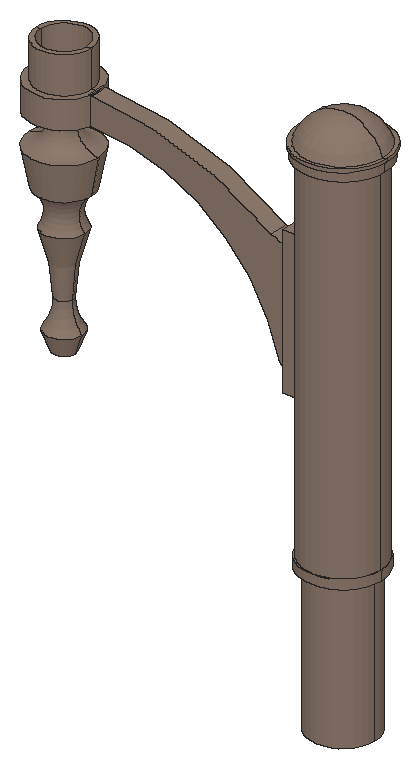
Revit family "PA517", category Generic Models, Revit 2014
Parameters
  TOP CAP = Bronze, Architectural
  TENON = Bronze, Architectural
  OUTLET = Bronze, Architectural
  BODY = Bronze, Architectural
  ARM = Bronze, Architectural
Reference planes (in)
  plane 1 "Center (Front/Back)": y = 0
  plane 2: z = 0
  plane 3 "Center (Left/Right)": x = 0
Forms (in)
  Revolve 1, solid, material "Bronze, Architectural" <- "OUTLET"
    sketch origin (-0.48328, 0, 2) x (1, 0, 0) y (0, 0, 1)
      loop
        line (-14.76672, 26.5) -> (-16.26672, 26.5) -> (-16.26672, 24.5) -> (-14.76672, 24.5) -> (-14.76672, 26.5)
      axis (-14.76672, 26.5) -> (-14.76672, 24.5)
    angle from 0 to 360
  Revolve 2, solid, material "Bronze, Architectural" <- "ARM"
    sketch origin (-0.48328, 0, 2) x (1, 0, 0) y (0, 0, 1)
      loop
        line (-14.76672, 24.5) -> (-16.64172, 24.5) -> (-16.64172, 23) -> (-14.76672, 23) -> (-14.76672, 24.5)
      axis (-14.76672, 24.5) -> (-14.76672, 23)
    angle from 0 to 360
  Revolve 3, solid, material "Bronze, Architectural" <- "ARM"
    sketch origin (-0.48328, 0, 2) x (1, 0, 0) y (0, 0, 1)
      loop
        line (-16.14172, 23) -> (-16.01672, 22.75) -> (-14.76672, 22.75) -> (-14.76672, 23) -> (-16.14172, 23)
      axis (-14.76672, 23) -> (-14.76672, 22.75)
    angle from 0 to 360
  Revolve 4, solid, material "Bronze, Architectural" <- "ARM"
    sketch origin (-0.48328, 0, 2) x (1, 0, 0) y (0, 0, 1)
      loop
        arc (-15.51672, 22.75) -> (-15.5667, 22.6875) -> (-15.51672, 22.625) r 0.06407
        arc (-15.51672, 22.625) -> (-15.77112, 21.68541) -> (-16.64172, 21.25) r 1.1901
        line (-16.64172, 21.25) -> (-16.26672, 19.25)
        arc (-16.26672, 19.25) -> (-15.64435, 18.33154) -> (-15.89172, 17.25) r 1.39103
        arc (-15.89172, 17.25) -> (-15.40703, 15.56951) -> (-15.22691, 13.82982) r 9.85901
        arc (-15.22691, 13.82982) -> (-15.35771, 12.99029) -> (-15.75938, 12.24157) r 2.52699
        line (-15.75938, 12.24157) -> (-15.39172, 11.23144) -> (-14.76672, 11.23144) -> (-14.76672, 22.75) -> (-15.51672, 22.75)
      axis (-14.76672, 22.75) -> (-14.76672, 11.23144)
    angle from 0 to 360
  Extrusion 5, solid, material "Bronze, Architectural" <- "ARM"
    sketch origin (-0.48328, 0, 2) x (1, 0, 0) y (0, 0, 1)
      loop
        arc (-2.01672, 21) -> (-2.54551, 21.02151) -> (-3.03911, 21.21239) r 1.61903
        arc (-3.03911, 21.21239) -> (-7.78372, 23.63228) -> (-13.03829, 24.50212) r 17.3841
        line (-13.03829, 24.50212) -> (-13.03829, 23) -> (-12.72479, 23)
        arc (-12.72479, 23) -> (-6.25779, 20.81845) -> (-2.53969, 15.09508) r 10.38972
        arc (-2.53969, 15.09508) -> (-2.49542, 15.0266) -> (-2.41835, 15) r 0.12496
        line (-2.41835, 15) -> (-2.01672, 15) -> (-2.01672, 21)
    from -0.5 to 0.5
  Extrusion 6, solid, material "Bronze, Architectural" <- "ARM"
    sketch origin (-0.48328, 0, 2) x (1, 0, 0) y (0, 0, 1)
      loop
        line (-1.01672, 22) -> (-2.01672, 22) -> (-2.01672, 14) -> (-1.01672, 14) -> (-1.01672, 22)
    from -1 to 1
  Revolve 7, solid, material "Bronze, Architectural" <- "TENON"
    sketch origin (0, 0, 2) x (1, 0, 0) y (0, 0, 1)
      loop
        line (0, -2) -> (0, 6) -> (-1.75, 6) -> (-1.75, -2) -> (0, -2)
      axis (0, 6) -> (0, -2)
    angle from 0 to 360
  Revolve 8, solid, material "Bronze, Architectural" <- "TENON"
    sketch origin (0, 0, 2) x (1, 0, 0) y (0, 0, 1)
      loop
        line (0, 6) -> (0, 6.5) -> (-2.13025, 6.5) -> (-2.13025, 6) -> (0, 6)
      axis (0, 6.5) -> (0, 6)
    angle from 0 to 360
  Revolve 9, solid, material "Bronze, Architectural" <- "BODY"
    sketch origin (0, 0, 2) x (1, 0, 0) y (0, 0, 1)
      loop
        line (0, 26.5) -> (-2.06775, 26.5) -> (-2.06775, 6.5) -> (0, 6.5) -> (0, 26.5)
      axis (0, 26.5) -> (0, 6.5)
    angle from 0 to 360
  Revolve 10, solid, material "Bronze, Architectural" <- "TOP CAP"
    sketch origin (0, 0, 1.875) x (1, 0, 0) y (0, 0, 1)
      loop
        line (0, 26.22135) -> (0, 28.368)
        arc (0, 28.368) -> (-1.3396, 27.97917) -> (-2.19531, 26.8776) r 2.25856
        line (-2.19531, 26.8776) -> (-2.42031, 26.8776) -> (-2.42031, 26.72135) -> (-2.32031, 26.72135) -> (-2.32031, 26.22135) -> (0, 26.22135)
      axis (0, 26.22135) -> (0, 28.368)
    angle from 0 to 360
  Revolve 11, void
    sketch origin (0, 0, 0) x (1, 0, 0) y (0, 0, 1)
      loop
        line (-15.25, 25.10978) -> (-15.25, 28.5) -> (-16.5, 28.5) -> (-16.5, 25.10978) -> (-15.25, 25.10978)
      axis (-15.25, 28.5) -> (-15.25, 25.10978)
    angle from 0 to 360
  Revolve 12, void
    sketch origin (0, 0, 0) x (1, 0, 0) y (0, 0, 1)
      loop
        line (0, 8.5) -> (-1.3125, 8.5) -> (-1.3125, 0) -> (0, 0) -> (0, 8.5)
      axis (0, 0) -> (0, 8.5)
    angle from 0 to 360
Cuts and joins
  Revolve 11 cuts Revolve 1
  Revolve 11 cuts Revolve 2
  Revolve 12 cuts Revolve 7
  Revolve 12 cuts Revolve 8
  Revolve 12 cuts Revolve 9
Dimensions and locks (in)
  aligned and locked: plane 2 to level
